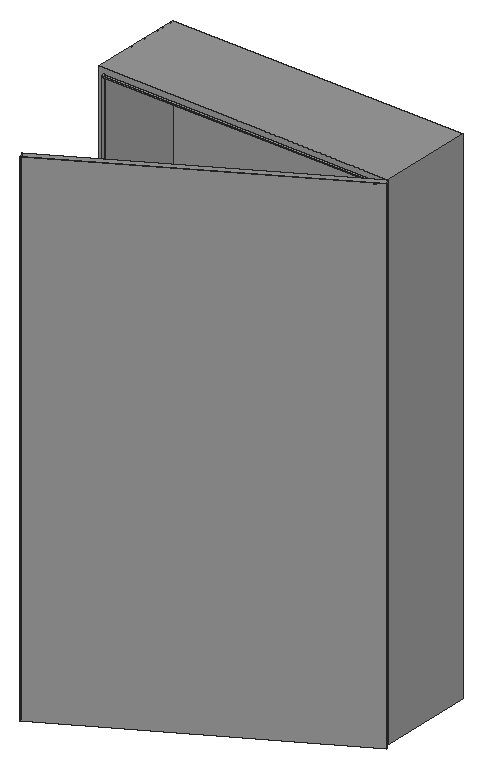
Revit family "Hager-Univers-IP55-D275-H1400-Cl.II-Steel_encl-NoHosted-FR-fr", category Electrical Equipment, Revit 2020
Family settings
  Panel Configuration = Two Columns, Circuits Across
  Round Connector Dimension = Use Diameter
  Part Type = Panelboard
  Work Plane-Based = Yes
  Always vertical = Yes
  Cut with Voids When Loaded = No
  Shared = No
  Room Calculation Point = No
Parameters (values of type "saillie IP55 L800 H1400 P275  - FR93S")
  Width Control [instance] = if([EF000008 - largeur] > Min Width, [EF000008 - largeur], Min Width)  # 800 mm
  Type Comments = [HG000003 - Gamme]  # "Univers"
  Thickness Door [instance] = if([EF009171 - épaisseur de matériau de la porte/du couvercle] > 3 mm, 3 mm, [EF009171 - épaisseur de matériau de la porte/du couvercle])  # 1.5 mm
  Seal Frame Offset [instance] = 17 mm  # constant formula
  Plinth Visibility [instance] = [HG000027 - Hauteur du socle] > 0 mm  # no
  Min Width [instance] = 100 mm  # constant formula
  Min Depth [instance] = (2 * [EF009170 - épaisseur de matériau du boîtier]) + 1 mm  # 4 mm
  Min Height [instance] = 100 mm  # constant formula
  Internal Frame Depth [instance] = (Door System Depth * 0.5)  # 9 mm
  Panel Name [instance] = ""  # (empty or 0)
  Model = ""
  HG000027 - Hauteur du socle = 0 mm
  HG000026 - Installation au sol = no
  HG000024 - Hauteur de la section basse = 600 mm
  HG000023 - Armoire double section = no
  HG000016 - Visibilité de la porte 3D [instance] = yes
  HG000015 - Visibilité de l'emprise de la porte [instance] = no
  HG000014 - Porte à droite [instance] = yes
  HG000013 - Porte à gauche [instance] = not([HG000014 - Porte à droite])  # no
  HG000012 - Angle de pivotement de la porte [instance] = 30.00°
  HG000010 - Portes asymétriques = no
  HG000009 - Porte à double battant = no
  HG000006 - Encastré = no
  HG000004 - Référence fabricant = "FR93S"
  HG000003 - Gamme = "Univers"
  HG000002 - avec porte = yes
  Frame Offset Bottom [instance] = 10 mm  # constant formula
  Frame Offset [instance] = 15 mm  # constant formula
  EF015940 - couvercle avec décharge de pression = no
  EF011959 - degré de protection (NEMA) = ""
  EF009554 - nombre d'ouvertures pour plaques à bride = 6
  EF009212 - finition du couvercle = "EV000116 - fermé"
  EF009171 - épaisseur de matériau de la porte/du couvercle = 1.5 mm
  EF009170 - épaisseur de matériau du boîtier = 1.5 mm
  EF008873 - courant nominal (In) = 800 A
  EF007800 - adapté à un parafoudre = no
  EF006306 - avec serrure = no
  EF006244 - couvercle/porte transparent(e) = no
  EF005474 - indice de protection (IP) = "EV006420 - IP55"
  EF004464 - type de porte = "EV002646 - unique"
  EF004427 - nombre de modules = 324
  EF004293 - indice de protection contre les chocs (IK) = "EV008784 - IK10"
  EF003532 - convient pour utilisation à l’extérieur = no
  EF002950 - largeur en nombre de modules = 24
  EF001613 - maintien de fonction = "EV000494 - sans"
  EF001596 - matériau du boîtier/corps = "EV000179 - acier"
  EF001131 - profondeur intérieure = 275 mm
  EF001088 - possibilité de montage en saillie = yes
  EF000437 - nombre d'entrées de conduit = 6
  EF000339 - type de capot = "EV004216 - porte"
  EF000266 - nombre de rangées = 9
  EF000218 - profondeur d'encastrement = 0 mm
  EF000118 - avec cadre/support de montage = no
  EF000116 - numéro RAL = "7035"
  EF000049 - profondeur = 275 mm
  EF000040 - hauteur = 1400 mm
  EF000008 - largeur = 800 mm
  EF000007 - couleur = "EV000270 - gris"
  EF000003 - mode de pose = "EV000384 - saillie"
  Door System Leaf Tolerance [instance] = 1.5 mm  # constant formula
  Door System Depth [instance] = 18 mm  # constant formula
  Door Height [instance] = Height Control - [HG000027 - Hauteur du socle]  # 1400 mm
  Description = ""
  Default Elevation = 1219.2 mm
  Connector Offset [instance] = Height Control / 2  # 700 mm
  Manufacturer = "Hager"  # constant formula
  Height Control [instance] = if([EF000040 - hauteur] > Min Height, [EF000040 - hauteur], Min Height)  # 1400 mm
  Depth Control [instance] = if([EF000049 - profondeur] > Min Depth, [EF000049 - profondeur], Min Depth)  # 275 mm
  Bottom Top Plate Trim [instance] = 1.5 mm  # constant formula
  Plinth height Ctrl [instance] = if([HG000027 - Hauteur du socle] > 0 mm, [HG000027 - Hauteur du socle], 12 mm)  # 12 mm
Types (3, lengths in mm): name | Width Control | HG000009 - Porte à double battant | HG000004 - Référence fabricant | EF009554 - nombre d'ouvertures pour plaques à bride | EF004464 - type de porte | EF004427 - nombre de modules | EF000437 - nombre d'entrées de conduit | EF000008 - largeur
  saillie IP55 L1050 H1400 P275  - FR94S | 1050 | yes | "FR94S" | 8 | "EV003602 - double" | 432 | 8 | 1050
  saillie IP55 L550 H1400 P275  - FR92S | 550 | no | "FR92S" | 4 | "EV002646 - unique" | 216 | 4 | 550
  saillie IP55 L800 H1400 P275  - FR93S | 800 | no | "FR93S" | 6 | "EV002646 - unique" | 324 | 6 | 800
Reference planes
  plane 1 "Center (Front/Back)": y = 0
  plane 2: z = 0
  plane 3 "Center (Left/Right)": x = 0
  plane 4: y = 0
  plane 5: y = 0
  plane 6: z = 0
  plane 7: x = -400
  plane 8: x = 400
  plane 9: x = 398.5
  plane 10: x = -398.5
  plane 11: z = 0
  plane 12: z = 1.5
  plane 13: y = -275
  plane 14: y = -1.5
  plane 15: x = 0
  plane 16: y = -257
  plane 17: y = -273.5
  plane 18: y = -255.5
  plane 19: x = -383.5
  plane 20: x = 383.5
  plane 21: z = 11.5
  plane 22: x = -383
  plane 23: x = 383
  plane 24: z = 0
  plane 25: z = 1400
  plane 26: z = 1400
  plane 27: z = 1383.5
  plane 28: z = 1398.5
Forms (mm)
  Extrusion 1, solid, material "Hager_Steel_RAL7035_Light_Grey", detail levels medium+fine
    sketch origin (-208.679, -4572, 0) x (-1, 0, 0) y (0, -1, 0)
      loop
        line (191.321, -4315) -> (-608.679, -4315) -> (-608.679, -4572) -> (191.321, -4572) -> (191.321, -4315)
    from 0 to 1400
  Extrusion 2, void
    sketch origin (-350.771, -275, 1219.2) x (1, 0, 0) y (0, 0, 1)
      loop
        line (-47.729, 179.3) -> (-47.729, -1217.7) -> (749.271, -1217.7) -> (749.271, 179.3) -> (-47.729, 179.3)
    from -19.5 to -273.5
  Extrusion 3, void
    sketch origin (-290.084, -257, 1219.2) x (1, 0, 0) y (0, 0, 1)
      loop
        line (-93.416, -1207.7) -> (673.584, -1207.7) -> (673.584, 164.3) -> (-93.416, 164.3) -> (-93.416, -1207.7)
    from 0 to -1.5
  Extrusion 4, solid, material "Hager_Steel_RAL7035_Light_Grey", visible <- "Plinth Visibility", detail levels medium+fine
    sketch origin (0, 0, 0) x (1, 0, 0) y (0, 1, 0)
      loop
        line (-400, 0) -> (-400, -257) -> (400, -257) -> (400, 0) -> (-400, 0)
    from 0 to 12 <- "Plinth height Ctrl"
  Extrusion 5, solid, material "Hager_Steel_RAL7035_Light_Grey", detail levels coarse
    sketch origin (0, 0, 0) x (1, 0, 0) y (0, 1, 0)
      loop
        line (-400, 0) -> (-400, -275) -> (400, -275) -> (400, 0) -> (-400, 0)
    from 0 to 1400 <- "Height Control"
  Sweep 6, void
    path in 3D
      loop
        line (-400, -257, 12) -> (400, -257, 12) -> (400, 0, 12) -> (-400, 0, 12) -> (-400, -257, 12)
    profile origin (-400, -128.5, 12) x (1, 0, 0) y (0, 0, 1)
      loop
        line (0, 0) -> (0, -1.5) -> (1.5, -1.5)
        arc (1.5, -1.5) -> (1.061, -0.439) -> (0, 0) r 1.5
  Extrusion 7, solid, material "Hager_Steel_RAL7035_Light_Grey", detail levels fine
    sketch origin (-400, -257, 0) x (1, 0, 0) y (0, 0, 1)
      loop
        line (16.5, 11.5) -> (783.5, 11.5) -> (783.5, 1383.5) -> (16.5, 1383.5) -> (16.5, 11.5)
      loop
        line (15, 10) -> (785, 10) -> (785, 1385) -> (15, 1385) -> (15, 10)
    from 0 to 9 <- "Internal Frame Depth"
Cuts and joins
  Extrusion 2, Extrusion 3 cuts Extrusion 1
  Sweep 6 cuts Extrusion 4
Lines and regions (mm)
  Masking region 1
    outline origin (0, 0, 0) x (1, 0, 0) y (0, 1, 0)
      loop
        line (-400, 0) -> (-400, -275) -> (400, -275) -> (400, 0) -> (-400, 0)
  Masking region 2, detail levels coarse
    outline origin (-290.084, -257, 1219.2) x (-1, 0, 0) y (0, 0, 1)
      loop
        line (-690.084, -1219.2) -> (109.916, -1219.2) -> (109.916, 180.8) -> (-690.084, 180.8) -> (-690.084, -1219.2)
  Masking region 3, detail levels coarse
    outline origin (0, 0, 0) x (0, 1, 0) y (0, 0, 1)
      loop
        line (0, 0) -> (0, 1400) -> (-275, 1400) -> (-275, 0) -> (0, 0)
  Masking region 4, visible <- "Plinth Visibility", detail levels medium+fine
    outline origin (0, 0, 0) x (0, 1, 0) y (0, 0, 1)
      loop
        line (-1.5, 12) -> (-255.5, 12)
        arc (-255.5, 12) -> (-255.939, 10.939) -> (-257, 10.5) r 1.5
        line (-257, 10.5) -> (-257, 0) -> (0, 0) -> (0, 10.5)
        arc (0, 10.5) -> (-1.061, 10.939) -> (-1.5, 12) r 1.5
  Masking region 5, detail levels medium+fine
    outline origin (0, 0, 594.038) x (0, 1, 0) y (0, 0, 1)
      loop
        line (0, -594.038) -> (0, 805.962) -> (-257, 805.962) -> (-257, -594.038) -> (0, -594.038)
  Masking region 6, detail levels medium+fine
    outline origin (-359.7, -257, 1211.883) x (-1, 0, 0) y (0, 0, 1)
      loop
        line (-759.7, -1211.883) -> (40.3, -1211.883) -> (40.3, 188.117) -> (-759.7, 188.117) -> (-759.7, -1211.883)
  Masking region 7, visible <- "Plinth Visibility", detail levels medium+fine
    outline origin (-320.334, -257, 1041.368) x (-1, 0, 0) y (0, 0, 1)
      loop
        line (-720.334, -1041.368) -> (79.666, -1041.368) -> (79.666, -1030.868)
        arc (79.666, -1030.868) -> (78.606, -1030.429) -> (78.166, -1029.368) r 1.5
        line (78.166, -1029.368) -> (-718.834, -1029.368)
        arc (-718.834, -1029.368) -> (-719.273, -1030.429) -> (-720.334, -1030.868) r 1.5
        line (-720.334, -1030.868) -> (-720.334, -1041.368)
  sketch lines
    curve 1: line (-400, 0, 12) -> (-400, -257, 12)
    curve 2: line (-400, -257, 12) -> (400, -257, 12)
    curve 3: line (400, 0, 12) -> (-400, 0, 12)
    curve 4: line (400, -257, 12) -> (400, 0, 12)
Dimensions and locks
  locked: plane 1 "Center (Front/Back)" to plane 5
  "EF009170 - épaisseur de matériau du boîtier": plane 7 to plane 10
  "EF009170 - épaisseur de matériau du boîtier": plane 8 to plane 9
  equal spacing: plane 7, plane 3 "Center (Left/Right)", plane 8
  "Width Control": plane 7 to plane 8
  "Depth Control": plane 4 to plane 13
  "EF009170 - épaisseur de matériau du boîtier": plane 4 to plane 14
  "Height Control": plane 25 to level
  "HG000027 - Hauteur du socle": plane 11 to level
  "EF009170 - épaisseur de matériau du boîtier": plane 12 to plane 11
  "EF009170 - épaisseur de matériau du boîtier": plane 17 to plane 13
  "EF009170 - épaisseur de matériau du boîtier": plane 18 to plane 16
  "Frame Offset Bottom": plane 21 to plane 12
  "Frame Offset": plane 10 to plane 19
  "Frame Offset": plane 9 to plane 20
  "Door System Depth": plane 16 to plane 13
  "Seal Frame Offset": plane 7 to plane 22
  "Seal Frame Offset": plane 8 to plane 23
  "EF009170 - épaisseur de matériau du boîtier": plane 26 to plane 28
  "Frame Offset": plane 28 to plane 27
  "Connector Offset": plane 2 to connector elem
  "Bottom Top Plate Trim": profile plane to Sweep 6 sketch curve
  "Bottom Top Plate Trim": Sweep 6 sketch curve to Sweep 6 sketch curve
  "Plinth height Ctrl": Masking region 4 sketch curve to level
  "Plinth height Ctrl": Masking region 7 sketch curve to level
  "Thickness Door": Extrusion 7 sketch curve to Extrusion 7 sketch curve  (x4)
  "Bottom Top Plate Trim": radius of Sweep 6 sketch curve
  "Bottom Top Plate Trim": radius of Masking region 4 sketch curve  (x2)
  "Bottom Top Plate Trim": radius of Masking region 7 sketch curve  (x2)
  aligned and locked: Extrusion 2 sketch curve to plane 12
  aligned and locked: Extrusion 2 sketch curve to plane 9
  aligned and locked: Extrusion 2 sketch curve to plane 10
  aligned and locked: Extrusion 2 to plane 14
  aligned and locked: Extrusion 1 sketch curve to plane 4
  aligned and locked: plane 8 to Extrusion 1 sketch curve
  aligned and locked: plane 7 to Extrusion 1 sketch curve
  aligned and locked: Extrusion 2 to plane 18
  aligned and locked: Extrusion 3 sketch curve to plane 19
  aligned and locked: plane 20 to Extrusion 3 sketch curve
  aligned and locked: Extrusion 3 to Extrusion 2
  aligned and locked: Extrusion 3 sketch curve to plane 21
  aligned and locked: plane 3 "Center (Left/Right)" to nested 1
  aligned and locked: Extrusion 1 sketch curve to plane 16
  aligned and locked: Extrusion 4 sketch curve to cut or joined group of Extrusion 1, Extrusion 2, Extrusion 3
  aligned and locked: Masking region 1 sketch curve to plane 7
  aligned and locked: Masking region 1 sketch curve to plane 5
  aligned and locked: Masking region 1 sketch curve to plane 8
  aligned and locked: Masking region 2 sketch curve to level
  aligned and locked: level to Masking region 3 sketch curve
  aligned and locked: plane 1 "Center (Front/Back)" to Masking region 3 sketch curve
  aligned and locked: plane 13 to Masking region 3 sketch curve
  aligned and locked: plane 5 to Masking region 4 sketch curve
  aligned and locked: Masking region 2 sketch curve to plane 8
  aligned and locked: Masking region 2 sketch curve to plane 7
  aligned and locked: plane 7 to nested 2
  aligned and locked: nested 2 to plane 5
  aligned and locked: plane 5 to Masking region 5 sketch curve
  aligned and locked: plane 26 to Masking region 5 sketch curve
  aligned and locked: Extrusion 5 sketch curve to plane 8
  aligned and locked: Extrusion 5 sketch curve to plane 7
  aligned and locked: Extrusion 5 sketch curve to plane 5
  aligned and locked: Extrusion 3 sketch curve to plane 27
  aligned and locked: Extrusion 2 sketch curve to plane 28
  aligned and locked: Masking region 2 to plane 25
  aligned and locked: Extrusion 4 to plane 16
  aligned and locked: profile plane to Sweep 6 sketch curve
  aligned and locked: Masking region 5 sketch curve to plane 24
  aligned and locked: level to Masking region 4 sketch curve
  aligned and locked: Masking region 1 to plane 13
  aligned and locked: nested 1 to plane 16
  aligned and locked: Masking region 3 to plane 25
  aligned and locked: plane 16 to Masking region 4 sketch curve
  aligned and locked: Masking region 5 sketch curve to plane 16
  aligned and locked: plane 24 to plane 11
  aligned and locked: plane 26 to plane 25
  aligned and locked: plane 26 to cut or joined group of Extrusion 1, Extrusion 2, Extrusion 3
  aligned and locked: nested 1 to plane 24
  aligned and locked: Extrusion 1 to Extrusion 3
  aligned and locked: Masking region 6 sketch curve to plane 8
  aligned and locked: Masking region 6 sketch curve to plane 24
  aligned and locked: Masking region 6 sketch curve to plane 7
  aligned and locked: Masking region 6 sketch curve to plane 26
  aligned and locked: Masking region 7 sketch curve to plane 7
  aligned and locked: level to Masking region 7 sketch curve
  aligned and locked: Masking region 7 sketch curve to plane 8
  aligned and locked: Extrusion 7 sketch curve to cut or joined group of Extrusion 1, Extrusion 2, Extrusion 3  (x4)
Automatic sketch dimensions
  plane 19 to Extrusion 3 sketch curve = 0 mm
  Extrusion 3 sketch curve to plane 20 = 0 mm
  Extrusion 3 sketch curve to plane 21 = 0 mm
  Extrusion 4 sketch curve to plane 7 = 0 mm
  Extrusion 4 sketch curve to plane 8 = 0 mm
  Extrusion 4 sketch curve to plane 16 = 0 mm
  Masking region 1 sketch curve to plane 13 = 0 mm
  Masking region 2 sketch curve to plane 25 = 0 mm
  Masking region 3 sketch curve to plane 25 = 0 mm
  Extrusion 5 sketch curve to plane 13 = 0 mm
  profile plane to Sweep 6 sketch curve = 0 mm
Nested families
  nested 1: "EC000058_Univers_Door" at (0, -257, 0), Double <- "HG000009 - Porte à double battant", Transparent <- "EF006244 - couvercle/porte transparent(e)", Angle <- "HG000012 - Angle de pivotement de la porte", Door_Right <- "HG000014 - Porte à droite", Assymetrical <- "HG000010 - Portes asymétriques", Door <- "HG000002 - avec porte", Width_Ctrl <- "Width Control", 3d_Door <- "HG000016 - Visibilité de la porte 3D", Clearance <- "HG000015 - Visibilité de l'emprise de la porte", Door_Left <- "HG000013 - Porte à gauche", Width <- "Width Control", Door_Depth <- "Door System Depth", Leaf_Tolerance <- "Door System Leaf Tolerance", Height <- "Door Height", Lock_Visibility <- "EF006306 - avec serrure", Thickness <- "Thickness Door", type "EC000058_Univers_Door", detail levels medium+fine
    with min_wh 4 mm, Width_Ctrl 800 mm, Width 800 mm, Transparent no, Thickness 1.5 mm, Seal_Material Hager_Rubber, Lock_Visibility no, Lock_Material Hager_Plastic_RAL9005_Jet_Black, Leaf_Width 800 mm, Leaf_Tolerance_External_Sides 0 mm, Leaf_Tolerance 1.5 mm, Leaf_Offset 0 mm, Leaf_Height 1397 mm, Leaf_2_Width 800 mm, Leaf_2_Offset 400 mm, Leaf_1_Width 800 mm, Leaf_1_Offset 400 mm, Height_Ctrl 1400 mm, Height 1400 mm, Glass_Material Hager_Glass, Double_Clearance_Ctrl no, Double no, Door_Right_Ctrl yes, Door_Right yes, Door_Material Hager_Steel_RAL7035_Light_Grey, Door_Left_Ctrl no, Door_Left no, Door_Depth 18 mm, Door yes, Clearance_Material Hager_Clearance, Clearance_Depth 800 mm, Clearance_Ctrl no, Clearance no, Assymetrical no, Angle 30.00°, 3d_Door yes
  nested 2: "Hager_Enclosure_Symbol" at (-400, 0, 0), Height <- "Depth Control", Width <- "Width Control", type "Hager_Enclosure_Symbol"
    with Width_Ctrl 800 mm, Width 800 mm, Height_Ctrl 275 mm, Height 275 mm, A_Width_Int 18.047 mm, A_Width 216.562 mm, A_Height_Ctrl 240.625 mm, A_Height 240.625 mm
Connectors
  electrical at (0, 0, 700)
    settings: on plane 1 "Center (Front/Back)", index 1, voltage 0 V, apparent load 0 VA, apparent load phase1 0 VA, apparent load phase2 0 VA, apparent load phase3 0 VA, power factor 1, load classification "Other", number of poles 1, system type 30, power factor state 1, is connector primary yes, connector utility no, sub classification motor no, connector description ""
Definition of nested family "EC000058_Univers_Door"
  Parameters (values of type "EC000058_Univers_Door")
    min_wh [instance] = (2 * Thickness) + 1 mm  # 11 mm
    Width_Ctrl [instance] = 400 mm
    Width [instance] = 500 mm
    Transparent [instance] = yes
    Thickness [instance] = 5 mm
    Seal_Material [instance] = none
    Lock_Visibility [instance] = yes
    Lock_Material [instance] = none
    Leaf_Width [instance] = if((Width_Ctrl - 2 * Leaf_Tolerance_External_Sides) > 0 mm, (Width_Ctrl - 2 * Leaf_Tolerance_External_Sides), min_wh)  # 400 mm
    Leaf_Tolerance_External_Sides [instance] = 0 mm  # constant formula
    Leaf_Tolerance [instance] = 1.5 mm
    Leaf_Offset [instance] = 0 mm  # constant formula
    Leaf_Height [instance] = if((Height_Ctrl - 2 * Leaf_Tolerance) > 0 mm, (Height_Ctrl - 2 * Leaf_Tolerance), min_wh)  # 497 mm
    Leaf_2_Width [instance] = if(and(and(Double, Assymetrical), Door_Left), (Leaf_Width / 3) - (Leaf_Tolerance / 2), if(and(and(Double, Assymetrical), Door_Right), (Leaf_Width / 3) * 2 - (Leaf_Tolerance / 2), if(and(Double, not(Assymetrical)), (Leaf_Width / 2) - Leaf_Tolerance, Leaf_Width)))  # 400 mm
    Leaf_2_Offset [instance] = if(and(Double, Assymetrical), Leaf_2_Width / 2, if(and(Double, not(Assymetrical)), Leaf_Width / 4, Leaf_Width / 2))  # 200 mm
    Leaf_1_Width [instance] = if(and(and(Double, Assymetrical), Door_Right), (Leaf_Width / 3) - (Leaf_Tolerance / 2), if(and(and(Double, Assymetrical), Door_Left), (Width / 3) * 2 - (Leaf_Tolerance / 2), if(and(Double, not(Assymetrical)), (Leaf_Width / 2) - Leaf_Tolerance, Leaf_Width)))  # 400 mm
    Leaf_1_Offset [instance] = if(and(Double, Assymetrical), Leaf_1_Width / 2, if(and(Double, not(Assymetrical)), Leaf_Width / 4, Leaf_Width / 2))  # 200 mm
    Height_Ctrl [instance] = if(Height > min_wh, Height, min_wh)  # 500 mm
    Height [instance] = 500 mm
    Glass_Material [instance] = none
    Double_Clearance_Ctrl [instance] = and(Double, Clearance)  # no
    Double [instance] = no
    Door_Right_Ctrl [instance] = and(or(Door_Right, Double), Door)  # yes
    Door_Right [instance] = yes
    Door_Material [instance] = none
    Door_Left_Ctrl [instance] = and(or(Door_Left, Double), Door)  # no
    Door_Left [instance] = no
    Door_Depth [instance] = 30 mm
    Door [instance] = yes
    Default Elevation = 1219.2 mm
    Clearance_Material [instance] = none
    Clearance_Depth [instance] = if(Leaf_1_Width > Leaf_2_Width, Leaf_1_Width, Leaf_2_Width)  # 400 mm
    Clearance_Ctrl [instance] = and(not(Double), Clearance)  # yes
    Clearance [instance] = yes
    Assymetrical [instance] = yes
    Angle [instance] = 30.00°
    3d_Door [instance] = yes
  Reference planes
    plane 1 "Center (Front/Back)": y = 0
    plane 2 "Bottom": z = 0
    plane 3 "Center (Left/Right)": x = 0
    plane 4: z = 500
    plane 5: x = -200
    plane 6: x = 200
    plane 7: z = 500
    plane 8: x = -200
    plane 9: z = 0
    plane 10: x = 200
    plane 11: y = 0
    plane 12: z = 1.5
    plane 13: x = -600
    plane 14: y = -400
    plane 15: x = 600
    plane 16: x = 0
    plane 17: x = 0
    plane 18: x = -200
    plane 19: x = 200
    plane 20: z = 498.5
  Forms (mm)
    Extrusion 1, solid, material <- "Clearance_Material", visible <- "Double_Clearance_Ctrl"
      sketch origin (1200, 0, 0) x (1, 0, 0) y (0, 0, -1)
        loop
          line (-1800, -498.5) -> (-600, -498.5) -> (-600, 0) -> (-1800, 0) -> (-1800, -498.5)
      from 0 to -400
  Dimensions and locks
    equal spacing: plane 5, plane 3 "Center (Left/Right)", plane 6
    "Width_Ctrl": plane 5 to plane 6
    "Leaf_Offset": plane 5 to plane 8
    "Leaf_Offset": plane 6 to plane 10
    "Leaf_Offset": plane 9 to level
    "Leaf_Offset": plane 4 to plane 7
    "Height_Ctrl": plane 4 to level
    "Leaf_Tolerance": plane 12 to plane 9
    locked: plane 11 to plane 1 "Center (Front/Back)"
    "Leaf_1_Offset": plane 18 to plane 16
    "Leaf_2_Offset": plane 17 to plane 19
    "Leaf_1_Width": plane 13 to plane 8
    "Leaf_2_Width": plane 10 to plane 15
    "Clearance_Depth": plane 14 to plane 1 "Center (Front/Back)"
    "Leaf_Tolerance_External_Sides": plane 8 to plane 18
    "Leaf_Tolerance_External_Sides": plane 19 to plane 10
    "Leaf_Tolerance": plane 7 to plane 20
    aligned and locked: level to plane 2 "Bottom"
    aligned and locked: nested 1 to plane 16
    aligned and locked: nested 2 to plane 17
    aligned and locked: Extrusion 1 to plane 13
    aligned and locked: plane 15 to Extrusion 1
    aligned and locked: Extrusion 1 to plane 14
    aligned and locked: plane 12 to nested 1
    aligned and locked: nested 2 to plane 12
    aligned and locked: Extrusion 1 to plane 11
    aligned and locked: plane 20 to Extrusion 1
    aligned and locked: nested 2 to plane 11
    aligned and locked: nested 1 to plane 11
  Automatic sketch dimensions
    Extrusion 1 sketch curve to level = 0 mm
    plane 5 to Extrusion 1 sketch curve = 400 mm
    plane 6 to Extrusion 1 sketch curve = 400 mm
    Extrusion 1 sketch curve to plane 4 = 1.5 mm
  Nested families
    nested 1: "EC000058_Univers_Door_Leaf" at (0, 0, 1.5), Width <- "Leaf_1_Width", visible <- "Door_Left_Ctrl", Leaf_Height <- "Leaf_Height", Angle <- "Angle", 3d_Door <- "3d_Door", Transparent <- "Transparent", Clearance Material <- "Clearance_Material", Clearance <- "Clearance_Ctrl", Door_Material <- "Door_Material", Glass_Material <- "Glass_Material", Door_Depth <- "Door_Depth", Lock_Material <- "Lock_Material", Seal_Material <- "Seal_Material", Lock_Visibility <- "Lock_Visibility", Thickness <- "Thickness", type "EC000058_Univers_Door_Leaf"
      with Width 400 mm, Transparent_Glass_Offset 30 mm, Transparent_Ctrl yes, Transparent yes, Thickness 5 mm, Standard no, Seal_Material none, Seal_D2 8 mm, Seal_D1 1 mm, Offset_Internal_Frame 10 mm, Lock_Width 20 mm, Lock_Visibility_3d yes, Lock_Visibility yes, Lock_Thickness_3 3 mm, Lock_Thickness_2 1 mm, Lock_Thickness_1 3 mm, Lock_Radius_Offset_2 16 mm, Lock_Radius_Offset_1 15 mm, Lock_Radius_2 5 mm, Lock_Radius 6 mm, Lock_Offset 5 mm, Lock_Material none, Lock_Height 80 mm, Lock_Cover_Top_Offset_2d 17 mm, Lock_Cover_Height -65 mm, Leaf_Height 497 mm, Internal_Seal_Thickness 8 mm, Internal_Seal_Depth_2 4.5 mm, Internal_Frame_Depth 25 mm, Glass_Thickness -1 mm, Glass_Offset -2 mm, Glass_Material none, Door_Material none, Door_Depth 30 mm, Clearance Material none, Clearance yes, Angle_Ctrl 30.00°, Angle 30.00°, 3d_Door yes
    nested 2: "EC000058_Univers_Door_Leaf" at (0, 0, 1.5) x (-1, 0, 0) z (0, 0, 1), Width <- "Leaf_2_Width", visible <- "Door_Right_Ctrl", Leaf_Height <- "Leaf_Height", Angle <- "Angle", 3d_Door <- "3d_Door", Transparent <- "Transparent", Clearance Material <- "Clearance_Material", Clearance <- "Clearance_Ctrl", Door_Material <- "Door_Material", Glass_Material <- "Glass_Material", Door_Depth <- "Door_Depth", Lock_Material <- "Lock_Material", Seal_Material <- "Seal_Material", Lock_Visibility <- "Lock_Visibility", Thickness <- "Thickness", type "EC000058_Univers_Door_Leaf"
      with Width 400 mm, Transparent_Glass_Offset 30 mm, Transparent_Ctrl yes, Transparent yes, Thickness 5 mm, Standard no, Seal_Material none, Seal_D2 8 mm, Seal_D1 1 mm, Offset_Internal_Frame 10 mm, Lock_Width 20 mm, Lock_Visibility_3d yes, Lock_Visibility yes, Lock_Thickness_3 3 mm, Lock_Thickness_2 1 mm, Lock_Thickness_1 3 mm, Lock_Radius_Offset_2 16 mm, Lock_Radius_Offset_1 15 mm, Lock_Radius_2 5 mm, Lock_Radius 6 mm, Lock_Offset 5 mm, Lock_Material none, Lock_Height 80 mm, Lock_Cover_Top_Offset_2d 17 mm, Lock_Cover_Height -65 mm, Leaf_Height 497 mm, Internal_Seal_Thickness 8 mm, Internal_Seal_Depth_2 4.5 mm, Internal_Frame_Depth 25 mm, Glass_Thickness -1 mm, Glass_Offset -2 mm, Glass_Material none, Door_Material none, Door_Depth 30 mm, Clearance Material none, Clearance yes, Angle_Ctrl 30.00°, Angle 30.00°, 3d_Door yes
  Definition of nested family "EC000058_Univers_Door_Leaf"
    Parameters (values of type "EC000058_Univers_Door_Leaf")
      Width [instance] = 2000 mm
      Transparent_Glass_Offset [instance] = 30 mm
      Transparent_Ctrl [instance] = and(Transparent, [3d_Door])  # yes
      Transparent [instance] = yes
      Thickness [instance] = 5 mm
      Standard [instance] = and(not(Transparent), [3d_Door])  # no
      Seal_Material [instance] = none
      Seal_D2 [instance] = 8 mm  # constant formula
      Seal_D1 [instance] = 1 mm  # constant formula
      Offset_Internal_Frame [instance] = 10 mm  # constant formula
      Lock_Width [instance] = 20 mm  # constant formula
      Lock_Visibility_3d [instance] = and(Lock_Visibility, [3d_Door])  # yes
      Lock_Visibility [instance] = yes
      Lock_Thickness_3 [instance] = 3 mm  # constant formula
      Lock_Thickness_2 [instance] = 1 mm  # constant formula
      Lock_Thickness_1 [instance] = 3 mm  # constant formula
      Lock_Radius_Offset_2 [instance] = Lock_Radius_Offset_1 + 1 mm  # 16 mm
      Lock_Radius_Offset_1 [instance] = 15 mm  # constant formula
      Lock_Radius_2 [instance] = Lock_Radius - 1 mm  # 5 mm
      Lock_Radius [instance] = 6 mm  # constant formula
      Lock_Offset [instance] = 5 mm  # constant formula
      Lock_Material [instance] = none
      Lock_Height [instance] = 80 mm  # constant formula
      Lock_Cover_Top_Offset_2d [instance] = Lock_Radius_Offset_2 + 1 mm  # 17 mm
      Lock_Cover_Height [instance] = -(Lock_Height - Lock_Radius_Offset_1)  # -65 mm
      Leaf_Height [instance] = 2720.336 mm
      Internal_Seal_Thickness [instance] = 8 mm  # constant formula
      Internal_Seal_Depth_2 [instance] = 4.5 mm  # constant formula
      Internal_Frame_Depth [instance] = if(Door_Depth - Thickness > 5 mm, Door_Depth - Thickness, 5 mm)  # 25 mm
      Glass_Thickness [instance] = if(Thickness > 15 mm, Glass_Offset + 10 mm, -1 mm)  # -1 mm
      Glass_Offset [instance] = if(Thickness > 15 mm, -(Thickness + 10 mm) / 2, -2 mm)  # -2 mm
      Glass_Material [instance] = none
      Door_Material [instance] = none
      Door_Depth [instance] = 30 mm
      Default Elevation = 0 mm
      Clearance Material [instance] = none
      Clearance [instance] = yes
      Angle_Ctrl [instance] = if(Angle > 180.00°, 180.00°, Angle)  # 90.00°
      Angle [instance] = 90.00°
      3d_Door [instance] = yes
    Reference planes
      plane 1 "Center (Front/Back)": y = 0
      plane 2: z = 0
      plane 3 "Center (Left/Right)": x = 0
      plane 4: y = 2000
      plane 5: x = -1000
      plane 6: x = 1000
      plane 7: x = -3000
      plane 8: z = 2720.336
      plane 9: z = 30
      plane 10: z = 2690.336
      plane 11: x = 970
      plane 12: x = -970
      plane 13: y = -3
      plane 14: z = 107.833
      plane 15: y = -5
      plane 16: y = -223.314
      plane 17: x = -1000
      plane 18: z = 1360.168
      plane 19: y = 30
    Forms (mm)
      Extrusion 1, solid, material <- "Clearance Material", visible <- "Clearance"
        sketch origin (0, 0, 0) x (1, 0, 0) y (0, 0, 1)
          loop
            line (-3000, 2720.336) -> (-3000, 0) -> (1000, 0) -> (1000, 2720.336) -> (-3000, 2720.336)
        from 0 to -2000
      Extrusion 2, solid, material <- "Door_Material", visible <- "Standard", detail levels medium+fine
        sketch origin (-1000, 0, 0) x (0, 1, 0) y (-1, 0, 0)
          loop
            line (0, 30) -> (0, 25) -> (2000, 25) -> (2000, 30) -> (0, 30)
        from 0 to 2720.336 <- "Leaf_Height"
      Extrusion 3, solid, material <- "Door_Material", visible <- "Transparent_Ctrl", detail levels medium+fine
        sketch origin (-1000, 0, 0) x (0, 1, 0) y (-1, 0, 0)
          loop
            line (0, 25) -> (2000, 25) -> (2000, 30) -> (0, 30) -> (0, 25)
        from 0 to 2720.336 <- "Leaf_Height"
      Extrusion 4, void
        sketch origin (-1025, 2000, 0) x (0, 1, 0) y (0, 0, -1)
          loop
            line (-30, -2690.336) -> (-30, -30) -> (-1970, -30) -> (-1970, -2690.336) -> (-30, -2690.336)
        from 0 to 5 <- "Thickness"
      Sweep 5, solid, material <- "Seal_Material", visible <- "Transparent_Ctrl", detail levels fine
        path in 3D
          loop
            line (-1025, 30, 30) -> (-1025, 30, 2690.336) -> (-1025, 1970, 2690.336) -> (-1025, 1970, 30) -> (-1025, 30, 30)
        profile origin (-1025, 1000, 30) x (1, 0, 0) y (0, 0, 1)
          loop
            line (0, 0) -> (0, -8) -> (1, -8) -> (1, 0) -> (0, 0)
      Extrusion 6, solid, material <- "Glass_Material", visible <- "Transparent_Ctrl", detail levels medium+fine
        sketch origin (-1030, 0, 0) x (0, 1, 0) y (0, 0, -1)
          loop
            line (1970, -2690.336) -> (1970, -30) -> (30, -30) -> (30, -2690.336) -> (1970, -2690.336)
        from -2 <- "Glass_Offset" to -1 <- "Glass_Thickness"
      Extrusion 7, solid, material <- "Door_Material", visible <- "3d_Door", detail levels medium+fine
        sketch origin (-1025, 2000, 0) x (0, -1, 0) y (0, 0, -1)
          loop
            line (0, -2720.336) -> (2000, -2720.336) -> (2000, 0) -> (0, 0) -> (0, -2720.336)
          loop
            line (1995, -5) -> (5, -5) -> (5, -2715.336) -> (1995, -2715.336) -> (1995, -5)
        from 0 to 25 <- "Internal_Frame_Depth"
      Sweep 8, solid, material <- "Seal_Material", visible <- "Transparent_Ctrl", detail levels fine
        path in 3D
          loop
            line (-1025, 0, 0) -> (-1025, 2000, 0) -> (-1025, 2000, 2720.336) -> (-1025, 0, 2720.336) -> (-1025, 0, 0)
        profile origin (-1025, 0, 1360.168) x (1, 0, 0) y (0, 1, 0)
          loop
            line (0, 10) -> (2.975, 10)
            arc (2.975, 10) -> (4.053, 10.447) -> (4.5, 11.525) r 1.525
            line (4.5, 11.525) -> (4.5, 16.527)
            arc (4.5, 16.527) -> (4.069, 17.569) -> (3.027, 18) r 1.473
            line (3.027, 18) -> (0, 18) -> (0, 10)
      Extrusion 9, solid, material <- "Lock_Material", visible <- "Lock_Visibility_3d", detail levels fine
        sketch origin (-1030, 0, 0) x (0, 1, 0) y (0, 0, -1)
          loop
            arc (1993.5, -1400.168) -> (1994.561, -1399.729) -> (1995, -1398.668) r 1.5
            line (1995, -1398.668) -> (1995, -1320.168) -> (1975, -1320.168) -> (1975, -1398.668)
            arc (1975, -1398.668) -> (1975.439, -1399.729) -> (1976.5, -1400.168) r 1.5
            line (1976.5, -1400.168) -> (1993.5, -1400.168)
        from 3 <- "Lock_Thickness_1" to 0
      Blend 10, solid, material <- "Lock_Material", visible <- "Lock_Visibility_3d", detail levels fine
        base sketch origin (-1033, 0, 0) x (0, 1, 0) y (0, 0, -1)
          loop
            line (1975, -1320.168) -> (1975, -1398.668)
            arc (1975, -1398.668) -> (1975.439, -1399.729) -> (1976.5, -1400.168) r 1.5
            line (1976.5, -1400.168) -> (1993.5, -1400.168)
            arc (1993.5, -1400.168) -> (1994.561, -1399.729) -> (1995, -1398.668) r 1.5
            line (1995, -1398.668) -> (1995, -1320.168) -> (1975, -1320.168)
        top sketch origin (-1033, 0, 0) x (0, 1, 0) y (0, 0, -1)
          loop
            line (1976, -1320.168) -> (1976, -1398.668)
            arc (1976, -1398.668) -> (1976.146, -1399.022) -> (1976.5, -1399.168) r 0.5
            line (1976.5, -1399.168) -> (1993.5, -1399.168)
            arc (1993.5, -1399.168) -> (1993.854, -1399.022) -> (1994, -1398.668) r 0.5
            line (1994, -1398.668) -> (1994, -1320.168) -> (1976, -1320.168)
        from 0 to 1 <- "Lock_Thickness_2"
      Blend 11, solid, material <- "Lock_Material", visible <- "Lock_Visibility_3d", detail levels fine
        base sketch origin (-1034, 0, 0) x (0, 1, 0) y (0, 0, -1)
          loop
            line (1978, -1320.168) -> (1978, -1384.168)
            arc (1978, -1384.168) -> (1985, -1391.168) -> (1992, -1384.168) r 7
            line (1992, -1384.168) -> (1992, -1320.168) -> (1978, -1320.168)
        top sketch origin (-1034, 0, 0) x (0, 1, 0) y (0, 0, -1)
          loop
            line (1991, -1320.168) -> (1979, -1320.168) -> (1979, -1383.168)
            arc (1979, -1383.168) -> (1985, -1389.168) -> (1991, -1383.168) r 6
            line (1991, -1383.168) -> (1991, -1320.168)
        from 0 to 3 <- "Lock_Thickness_3"
      Extrusion 12, solid, material <- "Lock_Material", visible <- "Lock_Visibility_3d", detail levels fine
        sketch origin (-1030, 1975, 1320.168) x (1, 0, 0) y (0, -1, 0)
          loop
            line (-7, -19) -> (-7, -1) -> (0, -1) -> (0, 0) -> (-8, 0) -> (-8, -20) -> (0, -20) -> (0, -19) -> (-7, -19)
        from 0 to -65 <- "Lock_Cover_Height"
      Extrusion 13, void
        sketch origin (-1038, 1995, 1320.168) x (-1, 0, 0) y (0, 0, -1)
          loop
            line (-5, -65) -> (0, -65) -> (-5, -60) -> (-5, -65)
        from 0 to 20 <- "Lock_Width"
      Extrusion 14, void
        sketch origin (-1038, 1975, 1320.168) x (0, -1, 0) y (0, 0, -1)
          loop
            circle (-10, -15.995) r 6
          loop
            circle (-10, -15.995) r 5
        from 0 to 2
      Extrusion 15, solid, material <- "Lock_Material", visible <- "Lock_Visibility_3d", detail levels medium
        sketch origin (-1030, 0, 0) x (0, 1, 0) y (0, 0, -1)
          loop
            arc (1993.5, -1400.168) -> (1994.561, -1399.729) -> (1995, -1398.668) r 1.5
            line (1995, -1398.668) -> (1995, -1320.168) -> (1975, -1320.168) -> (1975, -1398.668)
            arc (1975, -1398.668) -> (1975.439, -1399.729) -> (1976.5, -1400.168) r 1.5
            line (1976.5, -1400.168) -> (1993.5, -1400.168)
        from 8 to 0
    Cuts and joins
      Extrusion 4 cuts Extrusion 3
      Extrusion 13, Extrusion 14 cuts Extrusion 9
      Extrusion 14 cuts Blend 11
      Extrusion 13, Extrusion 14 cuts Extrusion 12
      joined: Extrusion 9, Blend 10, Blend 11, Extrusion 12
      Extrusion 14 cuts Extrusion 15
    Lines and regions (mm)
      Masking region 1, visible <- "Lock_Visibility", detail levels fine
        outline origin (0, 0, 0) x (0, 1, 0) y (0, 0, 1)
          loop
            line (30, 1320.168) -> (33, 1320.168) -> (33, 1400.168) -> (30, 1400.168) -> (30, 1320.168)
      Masking region 2, visible <- "Lock_Visibility", detail levels fine
        outline origin (0, 3.143, 0) x (0, 1, 0) y (0, 0, 1)
          loop
            line (29.857, 1354.168) -> (30.857, 1354.168) -> (30.857, 1366.168) -> (29.857, 1366.168) -> (29.857, 1354.168)
      Masking region 3, detail levels medium+fine
        outline origin (0, 0, 0) x (0, 1, 0) y (0, 0, 1)
          loop
            line (0, 0) -> (30, 0) -> (30, 2720.336) -> (0, 2720.336) -> (0, 0)
      Masking region 4, detail levels medium+fine
        outline origin (0, 0, 0) x (1, 0, 0) y (0, 0, 1)
          loop
            line (-1000, 2720.336) -> (-1000, 0) -> (1000, 0) -> (1000, 2720.336) -> (-1000, 2720.336)
      Masking region 5, visible <- "Lock_Visibility", detail levels fine
        outline origin (-47.116, 0, 0) x (1, 0, 0) y (0, 0, 1)
          loop
            arc (1024.616, 1399.168) -> (1023.556, 1398.729) -> (1023.116, 1397.668) r 1.5
            line (1023.116, 1397.668) -> (1023.116, 1320.168) -> (1041.116, 1320.168) -> (1041.116, 1397.668)
            arc (1041.116, 1397.668) -> (1040.677, 1398.729) -> (1039.616, 1399.168) r 1.5
            line (1039.616, 1399.168) -> (1024.616, 1399.168)
      Masking region 6, visible <- "Lock_Visibility", detail levels medium+fine
        outline origin (-25, 0, 0) x (1, 0, 0) y (0, 0, 1)
          loop
            arc (1001.5, 1400.168) -> (1000.439, 1399.729) -> (1000, 1398.668) r 1.5
            line (1000, 1398.668) -> (1000, 1320.168) -> (1020, 1320.168) -> (1020, 1398.668)
            arc (1020, 1398.668) -> (1019.561, 1399.729) -> (1018.5, 1400.168) r 1.5
            line (1018.5, 1400.168) -> (1001.5, 1400.168)
      Masking region 7, visible <- "Lock_Visibility", detail levels fine
        outline origin (-73.735, 0, 0) x (1, 0, 0) y (0, 0, 1)
          loop
            line (1051.735, 1382.168) -> (1065.735, 1382.168) -> (1065.735, 1384.168)
            arc (1065.735, 1384.168) -> (1058.735, 1391.168) -> (1051.735, 1384.168) r 7
            line (1051.735, 1384.168) -> (1051.735, 1382.168)
      Masking region 8, visible <- "Lock_Visibility", detail levels fine
        outline origin (-73.735, 0, 0) x (1, 0, 0) y (0, 0, 1)
          loop
            line (1052.735, 1382.168) -> (1064.735, 1382.168) -> (1064.735, 1383.168)
            arc (1064.735, 1383.168) -> (1058.735, 1389.168) -> (1052.735, 1383.168) r 6
            line (1052.735, 1383.168) -> (1052.735, 1382.168)
      Masking region 9, visible <- "Lock_Visibility", detail levels fine
        outline origin (-25, 0, 0) x (1, 0, 0) y (0, 0, 1)
          loop
            line (1020, 1320.168) -> (1020, 1382.168) -> (1000, 1382.168) -> (1000, 1320.168) -> (1020, 1320.168)
      Masking region 10, detail levels medium+fine
        outline origin (0, 0, 0) x (1, 0, 0) y (0, 0, 1)
          loop
            circle (985, 1335.144) r 6
      Masking region 11, detail levels fine
        outline origin (0, 0, 0) x (1, 0, 0) y (0, 0, 1)
          loop
            circle (985, 1335.144) r 5
      Masking region 12, visible <- "Lock_Visibility", detail levels fine
        outline origin (0, 12.767, 0) x (0, 1, 0) y (0, 0, 1)
          loop
            line (20.233, 1320.168) -> (21.233, 1320.168) -> (21.233, 1399.168) -> (20.233, 1400.168) -> (20.233, 1320.168)
      Masking region 13, visible <- "Lock_Visibility", detail levels fine
        outline origin (0, 13.767, -10) x (0, 1, 0) y (0, 0, 1)
          loop
            line (20.233, 1330.168) -> (23.233, 1330.168) -> (23.233, 1399.168) -> (20.233, 1402.168) -> (20.233, 1330.168)
      Masking region 14, visible <- "Lock_Visibility", detail levels fine
        outline origin (0, 12.767, -10) x (0, 1, 0) y (0, 0, 1)
          loop
            line (20.233, 1330.168) -> (25.233, 1330.168) -> (25.233, 1399.305) -> (20.233, 1394.305) -> (20.233, 1330.168)
      Masking region 15, visible <- "Lock_Visibility", detail levels medium
        outline origin (0, 0, 0) x (0, 1, 0) y (0, 0, 1)
          loop
            line (30, 1320.168) -> (38, 1320.168) -> (38, 1400.168) -> (30, 1400.168) -> (30, 1320.168)
      Masking region 16, visible <- "Lock_Visibility", detail levels fine
        outline origin (-1000, 0, 0) x (0, 1, 0) y (-1, 0, 0)
          loop
            line (1975, 30) -> (1995, 30) -> (1995, 38) -> (1975, 38) -> (1975, 30)
          loop
            line (1979, 37) -> (1976, 37) -> (1976, 34) -> (1978, 34) -> (1979, 37)
          loop
            line (1994, 37) -> (1991, 37) -> (1992, 34) -> (1994, 34) -> (1994, 37)
      Masking region 17, visible <- "Lock_Visibility", detail levels medium
        outline origin (-1000, 0, 0) x (0, 1, 0) y (-1, 0, 0)
          loop
            line (1975, 30) -> (1995, 30) -> (1995, 38) -> (1975, 38) -> (1975, 30)
      symbolic lines
        curve 1: line (1000, 0, 0) -> (-3000, 0, 0)
        curve 2: arc (1000, 0, 0) -> (-1000, 2000, 0) -> (-3000, 0, 0) r 2000
        curve 4: line (-1030, 0, 0) -> (-1030, 2000, 0)
      reference lines
        curve 3: line (-1000, 0, 0) -> (-1000, 2000, 0)
      symbolic lines, detail levels medium+fine
        curve 5: line (-1030, 2000, 0) -> (-1025, 2000, 0)
        curve 7: line (-1025, 0, 0) -> (-1030, 0, 0)
        curve 8: line (-1025, 0, 0) -> (-1000, 0, 0)
        curve 9: line (-1000, 0, 0) -> (-1000, 2000, 0)
        curve 10: line (-1000, 2000, 0) -> (-1025, 2000, 0)
      symbolic lines, detail levels fine
        curve 6: line (-1025, 2000, 0) -> (-1025, 0, 0)
      sketch lines
        curve 11: line (-1025, 0, 2720.336) -> (-1025, 0, 0)
        curve 12: line (-1025, 2000, 0) -> (-1025, 0, 0)
        curve 13: line (-1025, 2000, 2720.336) -> (-1025, 2000, 0)
        curve 14: line (-1025, 0, 2720.336) -> (-1025, 2000, 2720.336)
        curve 15: line (-1025, 1970, 30) -> (-1025, 30, 30)
        curve 16: line (-1025, 30, 30) -> (-1025, 30, 2690.336)
        curve 17: line (-1025, 1970, 2690.336) -> (-1025, 1970, 30)
        curve 18: line (-1025, 30, 2690.336) -> (-1025, 1970, 2690.336)
      symbolic lines, visible <- "Transparent", detail levels medium+fine
        curve 19: line (-970, 0, 2690.336) -> (970, 0, 2690.336)
        curve 20: line (-970, 0, 30) -> (-970, 0, 2690.336)
        curve 21: line (970, 0, 30) -> (-970, 0, 30)
        curve 22: line (970, 0, 2690.336) -> (970, 0, 30)
    Dimensions and locks
      "Width": plane 1 "Center (Front/Back)" to plane 4
      equal spacing: plane 5, plane 3 "Center (Left/Right)", plane 6
      "Width": plane 5 to plane 6
      "Width": plane 7 to plane 5
      "Leaf_Height": plane 8 to level
      "Width": curve 5 to curve 3
      "Width": curve 3 to curve 3
      plane 8 to plane 10 = 30 mm
      plane 9 to level = 30 mm
      plane 12 to plane 5 = 30 mm
      plane 6 to plane 11 = 30 mm
      Extrusion 1 to Extrusion 4 sketch curve = 30 mm
      "Transparent_Glass_Offset": curve 3 to Extrusion 4 sketch curve
      "Transparent_Glass_Offset": Extrusion 4 sketch curve to cut or joined group of Extrusion 3, Extrusion 4  (x2)
      cut or joined group of Extrusion 3, Extrusion 4 to Extrusion 6 sketch curve = 30 mm
      "Transparent_Glass_Offset": cut or joined group of Extrusion 3, Extrusion 4 to Extrusion 4 sketch curve
      "Thickness": curve 6 to curve 4
      "Thickness": Extrusion 7 sketch curve to Extrusion 7 sketch curve  (x4)
      "Door_Depth": curve 4 to curve 3
      "Offset_Internal_Frame": profile plane to Sweep 8 sketch curve
      "Internal_Seal_Thickness": Sweep 8 sketch curve to Sweep 8 sketch curve
      "Internal_Seal_Depth_2": profile plane to Sweep 8 sketch curve
      "Seal_D1": profile plane to Sweep 5 sketch curve
      "Seal_D2": profile plane to Sweep 5 sketch curve
      "Thickness": Extrusion 2 sketch curve to Extrusion 2 sketch curve
      equal spacing: Extrusion 9 sketch curve, plane 18, Extrusion 9 sketch curve  (x2)
      equal spacing: Masking region 1 sketch curve, plane 18, Masking region 1 sketch curve
      "Lock_Height": Masking region 1 sketch curve to Masking region 1 sketch curve
      "Lock_Radius": Masking region 2 sketch curve to plane 18 to Masking region 2 sketch curve
      Masking region 2 sketch curve to Masking region 1 = 1 mm
      "Door_Depth": plane 19 to plane 1 "Center (Front/Back)"
      "Lock_Thickness_1": Masking region 1 sketch curve to plane 19
      "Lock_Width": Extrusion 9 sketch curve to Extrusion 9 sketch curve
      "Lock_Height": Extrusion 9 sketch curve to Extrusion 9 sketch curve
      "Lock_Offset": cut or joined group of Extrusion 3, Extrusion 4 to Extrusion 9 sketch curve
      equal spacing: plane 8, plane 18, level
      "Lock_Radius_Offset_1": Blend 11 sketch curve to Blend 10
      locked: Blend 10 to Blend 11 sketch curve at 2  (x2)
      locked: var sketch to Blend 11 sketch curve at 1  (x2)
      "Lock_Radius_Offset_2": Blend 11 sketch curve to Blend 10
      locked: Extrusion 12 sketch curve to Extrusion 12 sketch curve at 1  (x3)
      Masking region 6 sketch curve to Masking region 6 sketch curve = 80 mm
      "Lock_Height": Masking region 6 sketch curve to Masking region 6 sketch curve
      "Lock_Width": Masking region 6 sketch curve to Masking region 6 sketch curve
      locked: Masking region 6 to Masking region 5 sketch curve at 1  (x3)
      locked: Masking region 5 to Masking region 7 sketch curve at 2  (x2)
      "Lock_Radius_Offset_1": Masking region 5 to Masking region 7 sketch curve
      "Lock_Radius_Offset_2": Masking region 5 to Masking region 8 sketch curve
      locked: Masking region 7 to Masking region 8 sketch curve at 1  (x2)
      "Lock_Cover_Top_Offset_2d": Masking region 5 to Masking region 9 sketch curve
      equal spacing: Masking region 9, Masking region 10 sketch curve, Masking region 9
      equal spacing: Masking region 9, Masking region 11 sketch curve, Masking region 9
      Extrusion 15 sketch curve to Extrusion 15 sketch curve = 80 mm
      "Lock_Width": Extrusion 15 sketch curve to Extrusion 15 sketch curve
      "Lock_Height": Extrusion 15 sketch curve to Extrusion 15 sketch curve
      equal spacing: Extrusion 15 sketch curve, plane 18, Extrusion 15 sketch curve
      "Lock_Thickness_3": Masking region 13 sketch curve to Masking region 13 sketch curve
      "Lock_Height": Masking region 12 sketch curve to Masking region 12 sketch curve
      locked: Masking region 13 sketch curve to Masking region 1 at 8
      locked: Masking region 14 sketch curve to Masking region 13 at 1
      locked: Masking region 14 sketch curve to Masking region 1 at 10.863
      "Lock_Height": Masking region 15 sketch curve to Masking region 15 sketch curve
      "Lock_Offset": Extrusion 15 sketch curve to cut or joined group of Extrusion 3, Extrusion 4
      "Lock_Offset": plane 6 to Masking region 6 sketch curve
      radius of Sweep 8 sketch curve = 1.525 mm
      radius of Sweep 8 sketch curve = 1.473 mm
      radius of Extrusion 9 sketch curve = 1.5 mm  (x2)
      "Lock_Radius": radius of Extrusion 14 sketch curve
      "Lock_Radius_2": radius of Extrusion 14 sketch curve
      "Lock_Radius": radius of Masking region 10 sketch curve
      "Lock_Radius_2": radius of Masking region 11 sketch curve
      radius of Extrusion 15 sketch curve = 1.5 mm  (x2)
      "Angle_Ctrl": angle plane 1 "Center (Front/Back)" to curve 3
      locked: Masking region 12 sketch curve to Masking region 12 sketch curve (angle 45.00°)
      locked: Masking region 13 sketch curve to Masking region 13 sketch curve (angle 45.00°)
      locked: Masking region 14 sketch curve to Masking region 14 sketch curve (angle 45.00°)
      aligned and locked: level to plane 2
      aligned and locked: Extrusion 1 to curve 1
      aligned and locked: plane 6 to Extrusion 1
      aligned and locked: Extrusion 1 to plane 1 "Center (Front/Back)"
      aligned and locked: plane 4 to Extrusion 1
      aligned and locked: plane 8 to Extrusion 1
      aligned and locked: curve 7 to Extrusion 2 sketch curve
      aligned and locked: curve 5 to Extrusion 2 sketch curve
      aligned and locked: curve 7 to Extrusion 3 sketch curve
      aligned and locked: Extrusion 3 sketch curve to curve 4
      aligned and locked: Extrusion 3 sketch curve to curve 6
      aligned and locked: Extrusion 3 sketch curve to curve 5
      aligned and locked: curve 9 to curve 3
      aligned and locked: Extrusion 7 sketch curve to cut or joined group of Extrusion 3, Extrusion 4  (x4)
      aligned and locked: plane 17 to curve 3
      aligned and locked: plane 1 "Center (Front/Back)" to curve 3
      aligned and locked: plane 17 to plane 5
      aligned and locked: Sweep 8 sketch curve to profile plane
      aligned and locked: Sweep 5 sketch curve to profile plane  (x2)
      aligned and locked: Masking region 1 to Masking region 2 sketch curve
      aligned and locked: plane 19 to Masking region 1 sketch curve
      aligned and locked: plane 1 "Center (Front/Back)" to Masking region 3 sketch curve
      aligned and locked: plane 19 to Masking region 3 sketch curve
      aligned and locked: level to Masking region 3 sketch curve
      aligned and locked: Masking region 3 sketch curve to plane 8
      aligned and locked: plane 17 to Masking region 4 sketch curve
      aligned and locked: level to Masking region 4 sketch curve
      aligned and locked: Masking region 4 sketch curve to plane 8
      aligned and locked: plane 12 to curve 20
      aligned and locked: plane 10 to curve 19
      aligned and locked: plane 11 to curve 22
      aligned and locked: curve 21 to plane 9
      aligned and locked: Extrusion 2 sketch curve to cut or joined group of Extrusion 3, Extrusion 4
      aligned and locked: Blend 10 sketch curve to Extrusion 9  (x4)
      aligned and locked: Extrusion 9 to Blend 10 sketch curve
      aligned and locked: Blend 10 to Blend 11 sketch curve
      aligned and locked: Extrusion 12 sketch curve to Blend 11
      aligned and locked: Extrusion 12 sketch curve to Extrusion 9  (x4)
      aligned and locked: Masking region 5 sketch curve to Masking region 6
      aligned and locked: Masking region 9 sketch curve to Masking region 6  (x3)
      aligned and locked: Masking region 12 sketch curve to Masking region 1
      aligned and locked: Masking region 13 sketch curve to Masking region 1
      aligned and locked: Masking region 12 to Masking region 14
      aligned and locked: Masking region 14 sketch curve to Masking region 1
      aligned and locked: Masking region 15 sketch curve to Masking region 14
      aligned and locked: Masking region 13 sketch curve to Masking region 12
      aligned and locked: Masking region 16 sketch curve to cut or joined group of Extrusion 14, Extrusion 15  (x4)
      aligned and locked: Masking region 16 sketch curve to cut or joined group of Extrusion 9, Blend 10, Blend 11, Extrusion 12, Extrusion 13, Extrusion 14  (x6)
      aligned and locked: cut or joined group of Extrusion 9, Blend 10, Blend 11, Extrusion 12, Extrusion 13, Extrusion 14 to Masking region 16 sketch curve
      aligned and locked: Masking region 17 sketch curve to cut or joined group of Extrusion 14, Extrusion 15  (x3)
      aligned and locked: Masking region 17 sketch curve to cut or joined group of Extrusion 9, Blend 10, Blend 11, Extrusion 12, Extrusion 13, Extrusion 14
      aligned and locked: Masking region 9 to Masking region 8 sketch curve
      aligned and locked: Masking region 9 to Masking region 7 sketch curve
    Automatic sketch dimensions
      plane 1 "Center (Front/Back)" to curve 2 = 0 mm
      curve 2 to plane 5 = 0 mm
      Extrusion 1 sketch curve to level = 0 mm
      Extrusion 1 sketch curve to plane 7 = 0 mm
      Extrusion 1 sketch curve to plane 6 = 0 mm
      Extrusion 1 sketch curve to plane 8 = 0 mm
      Extrusion 3 to Extrusion 6 sketch curve = 30 mm  (x4)
      Masking region 4 sketch curve to plane 6 = 0 mm
      Blend 10 sketch curve to Extrusion 9 = 1.5 mm
      Blend 10 sketch curve to Extrusion 9 = 1 mm
      Extrusion 13 sketch curve to Extrusion 12 = 0 mm  (x2)
      Extrusion 12 to Extrusion 13 sketch curve = 3 mm
      Extrusion 13 sketch curve to Extrusion 12 = 5 mm
      Extrusion 14 sketch curve to Extrusion 14 sketch curve = 0 mm  (x2)
      Extrusion 14 sketch curve to Extrusion 12 = 10 mm
      Extrusion 14 sketch curve to Extrusion 12 = 15.995 mm
      Masking region 5 sketch curve to Masking region 5 sketch curve = 1.5 mm  (x2)
      Masking region 10 sketch curve to plane 18 = 25.024 mm
      Masking region 11 sketch curve to plane 18 = 25.024 mm
      plane 19 to Masking region 14 sketch curve = 3 mm
      Masking region 16 sketch curve to Masking region 16 sketch curve = 3 mm
      curve 4 to curve 3 = 0 mm
      Blend 10 to Blend 11 sketch curve = 0 mm
      Masking region 6 sketch curve to Masking region 6 sketch curve = 1.5 mm  (x2)
      Masking region 6 sketch curve to plane 18 = 40 mm
      plane 19 to Masking region 12 sketch curve = 3 mm
      Masking region 12 sketch curve to Masking region 12 sketch curve = 1 mm
      Masking region 15 sketch curve to plane 19 = 0 mm
      Masking region 15 sketch curve to plane 18 = 40 mm
      radius of Blend 10 sketch curve to Extrusion 9 = 1 mm
Definition of nested family "Hager_Enclosure_Symbol"
  Parameters (values of type "Hager_Enclosure_Symbol")
    Width_Ctrl [instance] = if(Width > 1 mm, Width, 1 mm)  # 102.27 mm
    Width [instance] = 102.27 mm
    Height_Ctrl [instance] = if(Height > 1 mm, Height, 1 mm)  # 66.5 mm
    A_Width_Int [instance] = if(A_Width / 12 > 2 mm, A_Width / 12, 2 mm)  # 4.364 mm
    A_Width [instance] = if(A_Height_Ctrl * 0.9 > 2 mm, A_Height_Ctrl * 0.9, 2 mm)  # 52.369 mm
    A_Height_Ctrl [instance] = if(A_Height > 2 mm, A_Height, 2 mm)  # 58.188 mm
    Height [instance] = 66.5 mm
    A_Height [instance] = Height - (Height / 8)  # 58.188 mm
  Reference planes
    plane 1 "Centre (avant/arrière)": y = 0
    plane 2: z = 0
    plane 3 "Centre (gauche/droite)": x = 0
    plane 4: x = 52.369
    plane 5: y = 33.042
    plane 6: y = 41.77
    plane 7: y = 66.5
    plane 8: x = 26.184
    plane 9: y = 37.406
    plane 10: x = 102.27
    plane 11: y = 66.5
    plane 12: y = 8.313
  Lines and regions (mm)
    Filled region 1, type "Solid_Black", in view "Niveau de réf."
      outline origin (0, 0, 0) x (1, 0, 0) y (0, 1, 0)
        loop
          line (52.369, 66.5) -> (33.188, 54.536) -> (45.365, 45.006) -> (52.369, 66.5)
    Filled region 2, type "Solid_Black", in view "Niveau de réf."
      outline origin (0, 0, 0) x (1, 0, 0) y (0, 1, 0)
        loop
          line (0, 0) -> (102.27, 0) -> (102.27, 66.5) -> (0, 0)
    detail lines, in view "Niveau de réf."
      curve 1: line (0, 8.313, 0) -> (26.184, 41.77, 0)
      curve 2: line (26.184, 41.77, 0) -> (26.184, 33.042, 0)
      curve 3: line (26.184, 33.042, 0) -> (52.369, 66.5, 0)
  Dimensions and locks
    "A_Width": plane 3 "Centre (gauche/droite)" to plane 4
    equal spacing: plane 3 "Centre (gauche/droite)", plane 8, plane 4
    equal spacing: plane 6, plane 9, plane 5
    equal spacing: curve 3, Filled region 1 sketch curve, Filled region 1 sketch curve
    "Height_Ctrl": plane 1 "Centre (avant/arrière)" to plane 11
    "A_Height_Ctrl": plane 11 to plane 12
    equal spacing: plane 11, plane 9, plane 12
    "A_Width_Int": plane 6 to plane 9
    "Width_Ctrl": plane 3 "Centre (gauche/droite)" to plane 10
    angle Filled region 1 sketch curve to curve 3 = 20.00°
    angle curve 3 to Filled region 1 sketch curve = 20.00°
    locked: curve 3 to Filled region 1 sketch curve (angle 90.00°)
    aligned and locked: plane 10 to Filled region 2
    aligned and locked: plane 11 to Filled region 2 sketch curve
    aligned and locked: plane 10 to Filled region 2 sketch curve
    aligned and locked: plane 3 "Centre (gauche/droite)" to curve 1
    aligned and locked: plane 12 to curve 1
    aligned and locked: plane 7 to plane 11
  Automatic sketch dimensions
    Filled region 1 sketch curve to plane 4 = 0 mm
    Filled region 1 sketch curve to plane 7 = 0 mm
    plane 1 "Centre (avant/arrière)" to Filled region 2 sketch curve = 0 mm
    Filled region 2 sketch curve to plane 3 "Centre (gauche/droite)" = 0 mm
    curve 2 to plane 6 = 0 mm
    curve 2 to plane 8 = 0 mm
    curve 3 to plane 4 = 0 mm
    curve 2 to plane 5 = 0 mm
    curve 3 to plane 7 = 0 mm
